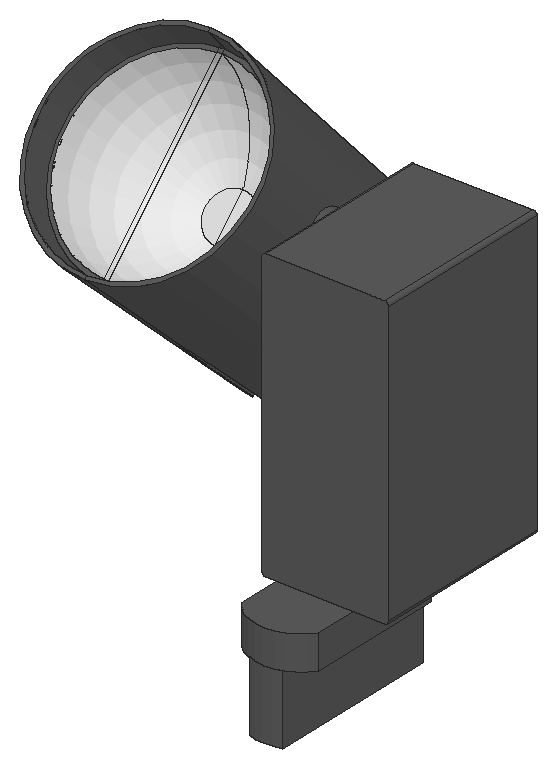
Revit family "0004851 Feilo Sylvania Lighting Fixture START TRACK SPOT S 24W 4K RA80 MB BLACK", category Lighting Fixtures, host Face, Revit 2017 (continued)
Definition of nested family "Start Track Spot Head"
  Types (96, lengths in mm): name | Wattage | built-in parameter 1150134 | Photometric Web File | Model | built-in parameter 1150105 | Lumens | built-in parameter 1150107 | built-in parameter 1150106 | HeadThickness_FEILO | HeadRibOffset_FEILO | HeadRibDepth_FEILO | HeadRibCutWidth_FEILO | HeadRibCutOffset_FEILO | HeadReflectorRadius_FEILO | HeadReflectorOffset_FEILO | HeadLEDRadius_FEILO | HeadHeight_FEILO | HeadDiffusorOffset_FEILO | HeadDiaOut_FEILO | HeadDiaIn_FEILO | HeadAxisFromTop_FEILO | Emit from Circle Diameter | built-in parameter 1150104 | Description | Apparent Load
    0004812 START TRACK SPOT S 14W 3K RA80 MB WHITE | 14 W | (empty or 0) | "0004812.ies" | "START TRACK SPOT S 14W 3K RA80 MB WHITE" | 120.32 (stored number, unit not read) | 1512 lm | 3000 (stored number, unit not read) | 1.2032 (stored number, unit not read) | 1.5 | 4.179 | 55.714 | 7.167 | 50.87 | 50.588 | 55.714 | 9.556 | 117 | 9.435 | 86 | 77.477 | 69.354 | 77.477 | 10.034 (stored number, unit not read) | "Integrated LED spotlight, Textured White - RAL9016, compact and minimalist design, ideal for retail applications, die-cast aluminium body, passive cooling heatsink. Beam angle: 36°, color temperature: 3000K , total system power: 14W, total fixture output: 1508 lm, LOR: 100%, colour rendering: Ra: 80 typical, LED Chromaticity: 3 step MacAdam ellipse, lifetime: >50000 hours at L70B50, energy class: A++, A+, A, IR/UV free light source without heat radiation, operating voltage: 220-240V / 50-60Hz, drive current: 350mA, electronic driver, non-dimmable, power factor: 0.92, electrical protection: Class II, Global Track 3 Phase adapter suitable for Global trac 3-circuit tracks, ingress protection rating: IP20, suitable for internal environment only, horizontal rotation: 355°, vertical tilt: 90°, dimensions: Ø86x140x200, weight: 0.940kg." | 14 VA
    0004811 START TRACK SPOT S 14W 3K RA80 NB WHITE | 14 W | (empty or 0) | "0004811.ies" | "START TRACK SPOT S 14W 3K RA80 NB WHITE" | 123.66 (stored number, unit not read) | 1554 lm | 3000 (stored number, unit not read) | 1.2366 (stored number, unit not read) | 1.5 | 4.179 | 55.714 | 7.167 | 50.87 | 50.588 | 55.714 | 9.556 | 117 | 9.435 | 86 | 77.477 | 69.354 | 77.477 | 10.312 (stored number, unit not read) | "Integrated LED spotlight, Textured White - RAL9016, compact and minimalist design, ideal for retail applications, die-cast aluminium body, passive cooling heatsink. Beam angle: 12°, color temperature: 3000K , total system power: 14W, total fixture output: 1551 lm, LOR: 100%, colour rendering: Ra: 80 typical, LED Chromaticity: 3 step MacAdam ellipse, lifetime: >50000 hours at L70B50, energy class: A++, A+, A, IR/UV free light source without heat radiation, operating voltage: 220-240V / 50-60Hz, drive current: 350mA, electronic driver, non-dimmable, power factor: 0.92, electrical protection: Class II, Global Track 3 Phase adapter suitable for Global trac 3-circuit tracks, ingress protection rating: IP20, suitable for internal environment only, horizontal rotation: 355°, vertical tilt: 90°, dimensions: Ø86x140x200, weight: 0.940kg." | 14 VA
  Reference planes
    plane 1 "Center (Front/Back)": y = 0
    plane 2: z = 0
    plane 3 "Center (Left/Right)": x = 0
    plane 4: x = 43
    plane 5: x = -43
    plane 6: x = -38.739
    plane 7: x = 38.739
    plane 8: z = 69.354
    plane 9: z = -47.646
    plane 10: x = -41.5
    plane 11: x = -37.239
    plane 12: z = -38.211
    plane 13: z = -35.211
    plane 14: z = 8.068
    plane 15: x = -9.556
    plane 16: x = -28.667
    plane 17: x = -19.111
    plane 18: x = -27.167
    plane 19: x = -17.611
    plane 20: x = -8.056
    plane 21: z = 13.64
    plane 22: x = -29.667
    plane 23: x = -26.167
    plane 24: x = -20.111
    plane 25: x = -16.611
    plane 26: x = -10.556
    plane 27: x = -7.056
    plane 28: x = -36.239
    plane 29: x = -40.5
    plane 30: z = 65.175
    plane 31: z = 60.997
    plane 32: z = 56.818
    plane 33: z = 18.484
    plane 34: y = -43
    plane 35: y = 43
    plane 36: y = 3.583
    plane 37: y = -3.583
    plane 38: y = -2.583
    plane 39: y = 2.583
    plane 40: y = 46
    plane 41: z = 13.5
    plane 42: z = -13.5
    plane 43: y = 39
    plane 44: x = 4.708
    plane 45: x = -2.458
    plane 46: x = -1.458
    plane 47: x = 1.458
  Forms (mm)
    Extrusion 1, solid
      sketch origin (4.2, 0, 0) x (1, 0, 0) y (0, 1, 0)
        loop
          line (-1219.2, 1219.2) -> (-1219.2, -1219.2) -> (1219.2, -1219.2) -> (1219.2, 1219.2) -> (-1219.2, 1219.2)
      from 0 to -68.017
    Revolve 2, solid, material <- "Material_1_FEILO", detail levels medium+fine
      sketch origin (0, 0, 0) x (1, 0, 0) y (0, 0, 1)
        loop
          line (-43, -47.646) -> (-41.5, -47.646) -> (-40.5, -35.211) -> (-38.739, -35.211)
          arc (-38.739, -35.211) -> (-30.16, -9.517) -> (-9.556, 8.068) r 50.588
          line (-9.556, 8.068) -> (0, 8.068) -> (0, 13.64) -> (-16.611, 13.64) -> (-17.611, 60.997) -> (-19.111, 60.997) -> (-20.111, 13.64) -> (-36.239, 13.64) -> (-37.239, 69.354) -> (-38.739, 69.354) -> (-43, -47.646)
        axis (0, 69.354) -> (0, -47.646)
      angle from 360 to 0
    Extrusion 3, void
      sketch origin (0, 0, 0) x (0, 1, 0) y (0, 0, 1)
        loop
          line (-3.583, 69.354) -> (-2.583, 18.484) -> (1.932, 18.484) -> (2.932, 69.354) -> (-3.583, 69.354)
      from 43 to -43
    Revolve 4, solid, material <- "Material_2_FEILO", detail levels medium+fine
      sketch origin (0, 0, 0) x (1, 0, 0) y (0, 0, 1)
        loop
          line (-41.5, -38.211) -> (0, -38.211) -> (0, -35.211) -> (-41.5, -35.211) -> (-41.5, -38.211)
        axis (0, -35.211) -> (0, -38.211)
      angle from 360 to 0
    Revolve 5, solid, material <- "Material_1_FEILO"
      sketch origin (0, 0, 0) x (0, 1, 0) y (0, 0, 1)
        loop
          line (46, 0) -> (39, 0) -> (39, -13.5) -> (46, -13.5) -> (46, 0)
        axis (39, 0) -> (46, 0)
      angle from 360 to 0
    Revolve 6, solid, material <- "Material_1_FEILO", detail levels medium+fine
      sketch origin (0, 0, 0) x (1, 0, 0) y (0, 0, 1)
        loop
          line (-29.667, 13.64) -> (-26.167, 13.64) -> (-27.167, 65.175) -> (-28.667, 65.175) -> (-29.667, 13.64)
        loop
          line (-10.556, 13.64) -> (-7.056, 13.64) -> (-7.833, 56.818) -> (-9.778, 56.818) -> (-10.556, 13.64)
        axis (0, 65.175) -> (0, 13.64)
      angle from 360 to 0
    Extrusion 7, void
      sketch origin (0, 0, 0) x (1, 0, 0) y (0, 0, 1)
        loop
          line (4.708, 69.354) -> (-2.458, 69.354) -> (-1.458, 13.64) -> (1.458, 13.64) -> (4.708, 69.354)
      from -43 to 43
    Revolve 8, solid, material <- "Material_1_FEILO", detail levels coarse
      sketch origin (0, 0, 0) x (1, 0, 0) y (0, 0, 1)
        loop
          line (0, 69.354) -> (-38.739, 69.354) -> (-43, -47.646) -> (-41.5, -47.646) -> (-40.731, -38.211) -> (0, -38.211) -> (0, 69.354)
        axis (0, 69.354) -> (0, -47.646)
      angle from 360 to 0
  Cuts and joins
    Extrusion 3 cuts Revolve 2
    Extrusion 7 cuts Revolve 6
  Dimensions and locks
    equal spacing: plane 7, plane 3 "Center (Left/Right)", plane 6
    equal spacing: plane 4, plane 3 "Center (Left/Right)", plane 5
    "HeadDiaOut_FEILO": plane 4 to plane 5
    "HeadDiaIn_FEILO": plane 7 to plane 6
    "HeadHeight_FEILO": plane 8 to plane 9
    "HeadThickness_FEILO": plane 10 to plane 5
    "HeadThickness_FEILO": plane 11 to plane 6
    "HeadDiffusorOffset_FEILO": plane 12 to plane 9
    "HeadDiffusorThickness_FEILO": plane 13 to plane 12
    "HeadReflectorOffset_FEILO": plane 14 to plane 9
    "HeadLEDRadius_FEILO": plane 3 "Center (Left/Right)" to plane 15
    "HeadLEDRadius_FEILO": plane 15 to plane 17
    "HeadLEDRadius_FEILO": plane 17 to plane 16
    "HeadThickness_FEILO": plane 18 to plane 16
    "HeadThickness_FEILO": plane 19 to plane 17
    "HeadThickness_FEILO": plane 20 to plane 15
    "HeadRibDepth_FEILO": plane 8 to plane 21
    "HeadDraft_FEILO": plane 16 to plane 22
    "HeadDraft_FEILO": plane 23 to plane 18
    "HeadDraft_FEILO": plane 17 to plane 24
    "HeadDraft_FEILO": plane 25 to plane 19
    "HeadDraft_FEILO": plane 15 to plane 26
    "HeadDraft_FEILO": plane 27 to plane 20
    "HeadDraft_FEILO": plane 29 to plane 10
    "HeadDraft_FEILO": plane 28 to plane 11
    "HeadRibOffset_FEILO": plane 8 to plane 30
    "HeadRibOffset_FEILO": plane 30 to plane 31
    "HeadRibOffset_FEILO": plane 31 to plane 32
    "HeadAxisFromTop_FEILO": plane 8 to plane 2
    "HeadRibCutOffset_FEILO": plane 8 to plane 33
    equal spacing: plane 34, plane 1 "Center (Front/Back)", plane 35
    "HeadDiaOut_FEILO": plane 34 to plane 35
    equal spacing: plane 38, plane 1 "Center (Front/Back)", plane 39
    equal spacing: plane 37, plane 1 "Center (Front/Back)", plane 36
    "HeadRibCutWidth_FEILO": plane 37 to plane 36
    "HeadDraft_FEILO": plane 37 to plane 38
    locked: plane 35 to plane 40 at 3
    equal spacing: plane 41, plane 2, plane 42
    locked: plane 42 to plane 41 at 27
    locked: plane 43 to plane 35 at 4
    equal spacing: plane 45, imposter light, plane 44
    "HeadDraft_FEILO": plane 46 to plane 45
    "HeadRibCutWidth_FEILO": plane 44 to plane 45
    equal spacing: plane 47, plane 3 "Center (Left/Right)", plane 46
    "HeadReflectorRadius_FEILO": radius of Revolve 2 sketch curve
    aligned and locked: plane 2 to Extrusion 1
    aligned and locked: level to Extrusion 1
    aligned and locked: Revolve 2 sketch curve to plane 3 "Center (Left/Right)"  (x2)
    aligned and locked: plane 9 to Revolve 2 sketch curve  (x2)
    aligned and locked: plane 5 to Revolve 2 sketch curve
    aligned and locked: plane 10 to Revolve 2 sketch curve
    aligned and locked: plane 14 to Revolve 2 sketch curve
    aligned and locked: plane 8 to Revolve 2 sketch curve
    aligned and locked: Revolve 2 sketch curve to plane 13
    aligned and locked: plane 12 to Revolve 4 sketch curve
    aligned and locked: plane 3 "Center (Left/Right)" to Revolve 4 sketch curve
    aligned and locked: Revolve 4 sketch curve to plane 10
    aligned and locked: Revolve 4 sketch curve to plane 3 "Center (Left/Right)"
    aligned and locked: plane 12 to imposter light
    aligned and locked: imposter light to plane 1 "Center (Front/Back)"
    aligned and locked: Revolve 5 sketch curve to plane 2
    aligned and locked: plane 43 to Revolve 5 sketch curve
    aligned and locked: plane 42 to Revolve 5 sketch curve
    aligned and locked: Revolve 6 sketch curve to plane 3 "Center (Left/Right)"
    aligned and locked: plane 22 to Revolve 6 sketch curve
    aligned and locked: plane 30 to Revolve 6 sketch curve
    aligned and locked: plane 23 to Revolve 6 sketch curve
    aligned and locked: Revolve 6 sketch curve to plane 21  (x2)
    aligned and locked: plane 21 to Revolve 6 sketch curve
    aligned and locked: plane 17 to Revolve 2 sketch curve
    aligned and locked: plane 19 to Revolve 2 sketch curve
    aligned and locked: plane 31 to Revolve 2 sketch curve
    aligned and locked: plane 21 to Revolve 2 sketch curve
    aligned and locked: Extrusion 3 to plane 8
    aligned and locked: plane 33 to Extrusion 3
    aligned and locked: plane 8 to Extrusion 3 sketch curve
    aligned and locked: Extrusion 3 sketch curve to plane 33
    aligned and locked: Extrusion 3 to plane 5
    aligned and locked: plane 4 to Extrusion 3
    aligned and locked: plane 32 to Revolve 6 sketch curve
    aligned and locked: plane 44 to Extrusion 7 sketch curve
    aligned and locked: Extrusion 7 sketch curve to plane 8
    aligned and locked: plane 46 to Extrusion 7 sketch curve
    aligned and locked: plane 21 to Extrusion 7 sketch curve
    aligned and locked: plane 34 to Extrusion 7
    aligned and locked: Extrusion 7 to plane 35
    aligned and locked: Revolve 4 sketch curve to plane 13
    aligned and locked: Revolve 5 sketch curve to plane 40
    aligned and locked: Revolve 8 sketch curve to plane 3 "Center (Left/Right)"
    aligned and locked: Revolve 8 sketch curve to cut or joined group of Revolve 2, Extrusion 3  (x3)
    aligned and locked: plane 5 to Revolve 8 sketch curve
    aligned and locked: plane 3 "Center (Left/Right)" to Revolve 8 sketch curve
    aligned and locked: plane 12 to Revolve 8 sketch curve
  Automatic sketch dimensions
    Extrusion 1 sketch curve to Extrusion 1 sketch curve = 2438.4 mm  (x2)
    Extrusion 3 sketch curve to plane 37 = 0 mm
    Extrusion 3 sketch curve to plane 38 = 0 mm
    plane 39 to Extrusion 3 sketch curve = 0.651 mm
    Extrusion 3 sketch curve to plane 39 = 0.349 mm
    Revolve 6 sketch curve to plane 16 = 0 mm
    Revolve 6 sketch curve to plane 18 = 0 mm
    Revolve 6 sketch curve to plane 26 = 0 mm
    Revolve 6 sketch curve to plane 27 = 0 mm
    Revolve 6 sketch curve to plane 15 = 0.222 mm
    plane 9 to Revolve 6 sketch curve = 559.103 mm
    Revolve 6 sketch curve to plane 8 = 2535.555 mm
    plane 20 to Revolve 6 sketch curve = 0.222 mm
    Revolve 2 sketch curve to plane 29 = 0 mm
    Revolve 2 sketch curve to plane 6 = 0 mm  (x2)
    Revolve 2 sketch curve to plane 11 = 0 mm
    Revolve 2 sketch curve to plane 21 = 0 mm
    Revolve 2 sketch curve to plane 28 = 0 mm
    Revolve 2 sketch curve to plane 24 = 0 mm
    Revolve 2 sketch curve to plane 25 = 0 mm
    Revolve 2 sketch curve to plane 15 = 0 mm
    Revolve 2 sketch curve to Revolve 2 sketch curve = 557.155 mm
    Revolve 2 sketch curve to plane 8 = 2535.558 mm
    Extrusion 7 sketch curve to plane 45 = 0 mm
    Extrusion 7 sketch curve to plane 47 = 0 mm
    plane 9 to Revolve 4 sketch curve = 559.103 mm
    Revolve 4 sketch curve to plane 8 = 2535.555 mm
    Revolve 5 sketch curve to level = 0 mm
    plane 34 to Revolve 5 sketch curve = 1968.092 mm
    Revolve 5 sketch curve to plane 40 = 1405.763 mm
    Revolve 8 sketch curve to plane 6 = 0 mm
    Revolve 8 sketch curve to plane 29 = 0.231 mm
    plane 9 to Revolve 8 sketch curve = 559.103 mm
    Revolve 8 sketch curve to Revolve 8 sketch curve = 2535.555 mm
Definition of nested family "Start Track Spot Box"
  Parameters (values of type "Type Large White")
    URL = "http://www.feilosylvania.com"
    Type Image = (empty or 0)
    Type Comments = "n/a"
    Small_FEILO = no
    Material_3_FEILO = none
    Model = ""
    Manufacturer = "Feilo Sylvania"
    Keynote = ""
    Material_2_FEILO = none
    Description = ""
    Default Elevation = 1219.2 mm
    Cost = 0
    Material_1_FEILO = none
    BoxWidth_FEILO = 49 mm
    BoxStartAngle_FEILO [instance] = 0.00°
    BoxRadius_FEILO = 1.5 mm
    BoxHeight_FEILO = if(Small_FEILO, 112 mm, 136 mm)  # 136 mm
    BoxEndAngle_FEILO [instance] = BoxStartAngle_FEILO - 180.00°  # -180.00°
    BoxDepth_FEILO = if(Small_FEILO, 71.5 mm, 79 mm)  # 79 mm
    BoxAxisVerticalOffset_FEILO = 16 mm
    BoxAxisOffset_FEILO = BoxHeight_FEILO / 6.8  # 20 mm
    Assembly Code = ""
    Material_4_FEILO = none
  Types (4, lengths in mm): name | Small_FEILO | BoxHeight_FEILO | BoxDepth_FEILO | BoxAxisOffset_FEILO
    Type Large White | no | 136 | 79 | 20
    Type Small White | yes | 112 | 71.5 | 16.471
    Type Small Black | yes | 112 | 71.5 | 16.471
    Type Large Black | no | 136 | 79 | 20
  Reference planes
    plane 1 "Center (Front/Back)": y = 0
    plane 2: z = 0
    plane 3 "Center (Left/Right)": x = 0
    plane 4: x = 24.5
    plane 5: x = -24.5
    plane 6: y = 68
    plane 7: y = -68
    plane 8: z = 39.5
    plane 9: z = -39.5
    plane 10: y = -48
    plane 11: x = 30.5
    plane 12: x = 8.5
    plane 13: x = 21.5
    plane 14: y = 70
    plane 15: y = 72
    plane 16: x = 19.5
  Forms (mm)
    Extrusion 1, solid
      sketch origin (4.2, 0, 0) x (1, 0, 0) y (0, 1, 0)
        loop
          line (-1219.2, 1219.2) -> (-1219.2, -1219.2) -> (1219.2, -1219.2) -> (1219.2, 1219.2) -> (-1219.2, 1219.2)
      from 0 to -68.017
    Extrusion 2, solid, material <- "Material_1_FEILO"
      sketch origin (0, 0, 0) x (1, 0, 0) y (0, 1, 0)
        loop
          arc (-23, 68) -> (-24.061, 67.561) -> (-24.5, 66.5) r 1.5
          line (-24.5, 66.5) -> (-24.5, -66.5)
          arc (-24.5, -66.5) -> (-24.061, -67.561) -> (-23, -68) r 1.5
          line (-23, -68) -> (23, -68)
          arc (23, -68) -> (24.061, -67.561) -> (24.5, -66.5) r 1.5
          line (24.5, -66.5) -> (24.5, 66.5)
          arc (24.5, 66.5) -> (24.061, 67.561) -> (23, 68) r 1.5
          line (23, 68) -> (-23, 68)
      from -39.5 to 39.5
    Revolve 3, solid, not visible
      sketch origin (0, 0, 0) x (1, 0, 0) y (0, 1, 0)
        loop
          line (30.5, -48) -> (24.5, -48) -> (24.5, -68) -> (30.5, -68) -> (30.5, -48)
        axis (30.5, -48) -> (24.5, -48)
      angle from 0 <- "BoxStartAngle_FEILO" to -180 <- "BoxEndAngle_FEILO"
    Revolve 4, solid, material <- "Material_2_FEILO"
      sketch origin (0, 0, 0) x (1, 0, 0) y (0, 1, 0)
        loop
          line (8.5, 68) -> (19.5, 68) -> (19.5, 70) -> (21.5, 70) -> (21.5, 72) -> (8.5, 72) -> (8.5, 68)
        axis (8.5, 72) -> (8.5, 68)
      angle from 360 to 0
  Dimensions and locks
    equal spacing: plane 5, plane 3 "Center (Left/Right)", plane 4
    "BoxWidth_FEILO": plane 5 to plane 4
    equal spacing: plane 7, plane 1 "Center (Front/Back)", plane 6
    "BoxHeight_FEILO": plane 7 to plane 6
    equal spacing: plane 8, plane 2, plane 9
    "BoxDepth_FEILO": plane 8 to plane 9
    "BoxAxisOffset_FEILO": plane 7 to plane 10
    locked: plane 4 to plane 11 at 6
    "BoxAxisVerticalOffset_FEILO": plane 12 to plane 4
    locked: plane 12 to plane 13 at 13
    plane 6 to plane 14 to plane 15 = 2 mm locked, 2 mm locked
    locked: plane 12 to plane 16 at 11
    "BoxRadius_FEILO": radius of Extrusion 2 sketch curve  (x4)
    aligned and locked: plane 2 to Extrusion 1
    aligned and locked: level to Extrusion 1
    aligned and locked: plane 6 to Extrusion 2 sketch curve
    aligned and locked: plane 5 to Extrusion 2 sketch curve
    aligned and locked: Extrusion 2 sketch curve to plane 7
    aligned and locked: Extrusion 2 sketch curve to plane 4
    aligned and locked: Extrusion 2 to plane 8
    aligned and locked: plane 9 to Extrusion 2
    aligned and locked: Revolve 3 sketch curve to plane 10  (x2)
    aligned and locked: plane 11 to Revolve 3 sketch curve
    aligned and locked: Revolve 3 sketch curve to plane 4
    aligned and locked: plane 7 to Revolve 3 sketch curve
    aligned and locked: Revolve 4 sketch curve to plane 12
    aligned and locked: plane 6 to Revolve 4 sketch curve
    aligned and locked: plane 12 to Revolve 4 sketch curve
    aligned and locked: plane 15 to Revolve 4 sketch curve
    aligned and locked: Revolve 4 sketch curve to plane 13
    aligned and locked: Revolve 4 sketch curve to plane 14
    aligned and locked: Revolve 4 sketch curve to plane 16
    aligned and locked: Revolve 4 sketch curve to plane 6
  Automatic sketch dimensions
    Extrusion 1 sketch curve to Extrusion 1 sketch curve = 2438.4 mm  (x2)
    Revolve 3 sketch curve to plane 5 = 1499.5 mm
    plane 11 to Revolve 3 sketch curve = 1493.5 mm
    plane 15 to Revolve 4 sketch curve = 0 mm
    plane 7 to Revolve 4 sketch curve = 1456 mm
    Revolve 4 sketch curve to plane 15 = 1452 mm
